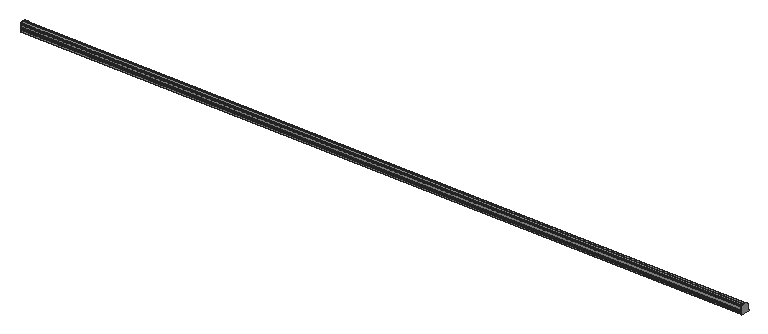
Revit family "3036975+3036946 Sylvania Lighting Fixture LUMISTRIP HO IP65 5M NW with L PROFILE ALU OPAL 2M", category Lighting Fixtures, host Face, Revit 2017
Family settings
  Host = Face
  Round Connector Dimension = Use Diameter
  Part Type = Normal
  OmniClass Number = 23.80.70.00
  OmniClass Title = Lighting
  Cut with Voids When Loaded = No
  Light Source = Yes
  Shared = No
  Room Calculation Point = No
Parameters (values of type "3036975+3036946 LUMISTRIP HO IP65 5M NW with L PROFILE ALU OPAL 2M")
  Weight = ""
  Wattage Comments = ""
  Wattage = 0 W
  WarrantyStartDate [instance] = "n/a"
  WarrantyGuarantorParts = "n/a"
  WarrantyDurationUnit = "n/a"
  WarrantyDurationParts = "n/a"
  WarrantyDescription = "n/a"
  built-in parameter 1150110 = 1 (stored number, unit not read)
  Voltage = 24 V
  URL = "http://www.sylvania-lighting.com"
  TypeName = "LUMISTRIP HO IP65 5M NW with L PROFILE ALU OPAL 2M"
  Type Image = <None>
  Type Comments = "n/a"
  built-in parameter 1114217 = 1 (stored number, unit not read)
  Tilt Angle = -90.00°
  built-in parameter 1150109 = 1 (stored number, unit not read)
  built-in parameter 1150134 = 12
  built-in parameter 1150113 = 1 (stored number, unit not read)
  SerialNumber [instance] = "n/a"
  RadiusDiffuserOut_SYL = 12.999 mm
  RadiusDiffuserIn_SYL = 11.999 mm
  Photometric Web File = "3036975.ies"
  Material_3_FEILO = none
  PowerFactor = 0
  PowerConsumption = ""
  NominalLength = 5000 mm
  NominalHeight = 4 mm
  NominalDepth = 14 mm
  Name = "LUMISTRIP HO IP65 5M NW with L PROFILE ALU OPAL 2M"
  ModelReference = Name  # "LUMISTRIP HO IP65 5M NW with L PROFILE ALU OPAL 2M"
  ModelNumber = "3036975+3036946"
  Model = Name  # "LUMISTRIP HO IP65 5M NW with L PROFILE ALU OPAL 2M"
  Material = "silicon housing, silicon diffuser"
  ManufacturerName = "Feilo Sylvania"
  Manufacturer = "Feilo Sylvania"
  LuminousEfficacy = "85.60 lm/W"
  built-in parameter 1150105 = (empty or 0)
  Lumens = 0 lm
  LuminaireType = ""
  built-in parameter 1150115 = 1 (stored number, unit not read)
  LightOutputRatio = "100"
  built-in parameter 1150137 = (empty or 0)
  built-in parameter 1150139 = (empty or 0)
  Length_SYL = 2000 mm
  LampsType = Lamp  # "LED"
  LampNominalLuminous = ""
  LampMacAdamStep = "n/a"
  LampColourTemperature = "4000 K"
  LampColourRenderingIndex = "80"
  built-in parameter 1150112 = 1 (stored number, unit not read)
  built-in parameter 1150114 = 1 (stored number, unit not read)
  Lamp = "LED"
  Keynote = "16500"
  InstallationDate [instance] = "n/a"
  InputVoltage = "24V DC"
  InputNominalFrequency = "n/a"
  built-in parameter 1150132 = (empty or 0)
  built-in parameter 1150102 = (empty or 0)
  built-in parameter 1150107 = 4000 (stored number, unit not read)
  built-in parameter 1150138 = (empty or 0)
  IngressProtection = "IP65"
  ImpactProtectionIndex = "n/a"
  built-in parameter 1150106 = (empty or 0)
  IfcExportType = "IfcLightFixtureType"
  IfcExportAs = "IfcLightFixtureType"
  ExpectedLife = 50000
  EndCapRight_SYL [instance] = yes
  EndCapLeft_SYL [instance] = yes
  built-in parameter 1150127 = 10 mm
  Emit from Rectangle Length = Length_SYL - 4 mm  # 1996 mm
  Emit Shape Visible in Rendering = no
  ElectricShockClassification = "Class III"
  built-in parameter 1150104 = 7.9534 (stored number, unit not read)
  DurationUnit = "hours"
  DocumentationLiterature = "http://www.sylvania-lighting.com/product/en-int/products/3036975"
  DimmingControlOptions = "n/a"
  Material_2_FEILO = Diffuser-Sylvania-LumistipLprofile-Polycarbonate
  Dimming Lamp Color Temperature Shift = <None>
  Description = ""
  Default Elevation = 1219.2 mm
  CreatedOn = "6/22/2018"
  CreatedBy = ""
  Cost = 0
  Color Filter = 16777215
  built-in parameter 1114216 [instance] = (empty or 0)
  ClassificationValue = "EF_70_80"
  ClassificationName = "Uniclass2015"
  Material_1_FEILO = Body-Sylvania-LumistripLprofile-Aluminum
  BarCode [instance] = "n/a"
  built-in parameter 1114218 = 1 (stored number, unit not read)
  Emit from Rectangle Width = 3048 mm
  AssetType = "Fixed"
  AssetIdentifier [instance] = "n/a"
  Assembly Code = "D5020200"
  Apparent Load = 82 VA
  Material_4_FEILO = none
Reference planes
  plane 1 "Center (Front/Back)": y = 0
  plane 2: z = 0
  plane 3 "Center (Left/Right)": x = 0
  plane 4: y = 22.4
  plane 5: z = 22.4
  plane 6: z = 20.4
  plane 7: z = 17.9
  plane 8: z = 10.9
  plane 9: z = 9.4
  plane 10: z = 7.9
  plane 11: z = 6.4
  plane 12: z = 4.9
  plane 13: z = 3.4
  plane 14: y = 2
  plane 15: z = 2
  plane 16: y = 7.9
  plane 17: y = 4.8
  plane 18: y = 3.3
  plane 19: y = 6.3
  plane 20: y = 9.4
  plane 21: y = 10.9
  plane 22: y = 20.4
  plane 23: y = 17.9
  plane 24: x = 1000
  plane 25: x = -1000
  plane 26: x = -998.5
  plane 27: x = 998.5
Forms (mm)
  Extrusion 1, solid, material "Body-Sylvania-LumistripLprofile-Aluminum" <- "Material_1_FEILO"
    sketch origin (0, 0, 0) x (0, 1, 0) y (0, 0, 1)
      loop
        line (0, 22.399) -> (0, 20.4) -> (4.8, 20.4) -> (4.8, 17.9) -> (0, 17.9) -> (0, 10.9) -> (2, 10.9) -> (2, 9.4) -> (0, 9.4) -> (0, 7.9) -> (2, 7.9) -> (2, 6.4) -> (0, 6.4) -> (0, 4.9) -> (2, 4.9) -> (2, 3.4) -> (0, 3.4) -> (0, 0) -> (3.3, 0) -> (3.3, 2) -> (4.8, 2) -> (4.8, 0) -> (6.3, 0) -> (6.3, 2) -> (7.9, 2) -> (7.9, 0) -> (9.4, 0) -> (9.4, 2) -> (10.9, 2) -> (10.9, 0) -> (17.9, 0) -> (17.9, 4.9) -> (20.4, 4.9) -> (20.4, 0) -> (22.399, 0) -> (22.399, 9.4) -> (19.77, 9.4) -> (12.92, 2.55) -> (2.567, 12.903) -> (9.4, 19.736) -> (9.4, 22.399) -> (0, 22.399)
    from -998.5 to 998.5
  Extrusion 2, solid, material "Diffuser-Sylvania-LumistipLprofile-Polycarbonate" <- "Material_2_FEILO"
    sketch origin (0, 0, 0) x (0, 1, 0) y (0, 0, 1)
      loop
        line (9.4, 22.399) -> (9.4, 21.399)
        arc (9.4, 21.399) -> (17.884, 17.884) -> (21.399, 9.4) r 11.999
        line (21.399, 9.4) -> (22.399, 9.4)
        arc (22.399, 9.4) -> (18.591, 18.591) -> (9.4, 22.399) r 12.999
    from -998.5 to 998.5
  Extrusion 3, solid, material "Body-Sylvania-LumistripLprofile-Aluminum" <- "Material_1_FEILO", visible <- "EndCapLeft_SYL"
    sketch origin (200, -4572, 2609.058) x (0, 0, 1) y (0, -1, 0)
      loop
        line (-2609.058, -4572) -> (-2609.058, -4594.4) -> (-2599.658, -4594.399)
        arc (-2599.658, -4594.399) -> (-2590.467, -4590.591) -> (-2586.658, -4581.4) r 12.999
        line (-2586.658, -4581.4) -> (-2586.658, -4572) -> (-2609.058, -4572)
    from 800 to 798.5
  Extrusion 4, solid, material "Body-Sylvania-LumistripLprofile-Aluminum" <- "Material_1_FEILO", visible <- "EndCapRight_SYL"
    sketch origin (-1000, -4572, 2609.058) x (0, 0, 1) y (0, -1, 0)
      loop
        line (-2586.659, -4581.402) -> (-2586.658, -4572) -> (-2609.058, -4572) -> (-2609.058, -4594.399) -> (-2599.658, -4594.399)
        arc (-2599.658, -4594.399) -> (-2590.467, -4590.592) -> (-2586.659, -4581.402) r 12.999
    from 0 to 1.5
Lines and regions (mm)
  reference lines
    curve 1: line (0, 0, 0) -> (0, 22.4, 22.4)
    curve 2: line (0, 0, 15.469) -> (0, 15.469, 0)
    curve 3: line (0, 12.92, 2.55) -> (0, 22.4, 12.03)
    curve 4: line (0, 2.567, 12.903) -> (0, 12.064, 22.4)
    curve 5: arc (0, 9.4, 22.399) -> (0, 18.591, 18.591) -> (0, 22.399, 9.4) r 12.999
    curve 6: arc (0, 21.399, 9.4) -> (0, 17.884, 17.884) -> (0, 9.4, 21.399) r 11.999
    curve 7: line (1000, 13.907, 23.341) -> (1000, 24.285, 12.963)
Dimensions and locks
  locked: plane 5 to plane 2 at 22.4
  locked: plane 1 "Center (Front/Back)" to plane 4 at 22.4
  locked: plane 6 to plane 5 at 2
  locked: plane 7 to plane 6 at 2.5
  locked: plane 8 to plane 7 at 7
  locked: plane 22 to plane 4 at 2
  locked: plane 23 to plane 22 at 2.5
  locked: plane 21 to plane 23 at 7
  locked: plane 9 to plane 8 at 1.5
  locked: plane 20 to plane 21 at 1.5
  locked: plane 10 to plane 9 at 1.5
  locked: plane 11 to plane 10 at 1.5
  locked: plane 12 to plane 11 at 1.5
  locked: plane 13 to plane 12 at 1.5
  locked: plane 16 to plane 20 at 1.5
  plane 19 to plane 16 = 1.6 mm
  locked: plane 17 to plane 19 at 1.5
  locked: plane 18 to plane 17 at 1.5
  locked: plane 1 "Center (Front/Back)" to plane 14 at 2
  locked: plane 15 to plane 2 at 2
  equal spacing: plane 24, plane 3 "Center (Left/Right)", plane 25
  "Length_SYL": plane 24 to plane 25
  equal spacing: plane 27, plane 3 "Center (Left/Right)", plane 26
  locked: plane 26 to plane 25 at 1.5
  locked: curve 7 to Extrusion 1 at 15.4
  "RadiusDiffuserIn_SYL": radius of curve 6
  "RadiusDiffuserOut_SYL": radius of curve 5
  locked: curve 1 to curve 2 (angle 90.00°)
  locked: curve 4 to curve 2 (angle 90.00°)
  locked: curve 2 to curve 3 (angle 90.00°)
  locked: curve 7 to curve 1 (angle 90.00°)
  aligned and locked: plane 2 to host face
  aligned and locked: level to host face
  aligned and locked: plane 6 to Extrusion 1 sketch curve
  aligned and locked: plane 7 to Extrusion 1 sketch curve
  aligned and locked: plane 17 to Extrusion 1 sketch curve  (x2)
  aligned and locked: plane 1 "Center (Front/Back)" to Extrusion 1 sketch curve  (x4)
  aligned and locked: plane 14 to Extrusion 1 sketch curve  (x3)
  aligned and locked: plane 8 to Extrusion 1 sketch curve
  aligned and locked: plane 9 to Extrusion 1 sketch curve
  aligned and locked: plane 10 to Extrusion 1 sketch curve
  aligned and locked: Extrusion 1 sketch curve to plane 11
  aligned and locked: plane 12 to Extrusion 1 sketch curve  (x2)
  aligned and locked: Extrusion 1 sketch curve to plane 13
  aligned and locked: Extrusion 1 sketch curve to host face
  aligned and locked: Extrusion 1 sketch curve to plane 18
  aligned and locked: Extrusion 1 sketch curve to plane 19
  aligned and locked: plane 15 to Extrusion 1 sketch curve  (x3)
  aligned and locked: plane 16 to Extrusion 1 sketch curve
  aligned and locked: Extrusion 1 sketch curve to level  (x2)
  aligned and locked: Extrusion 1 sketch curve to plane 20  (x2)
  aligned and locked: plane 21 to Extrusion 1 sketch curve
  aligned and locked: Extrusion 1 sketch curve to plane 23
  aligned and locked: plane 22 to Extrusion 1 sketch curve
  aligned and locked: plane 4 to curve 1
  aligned and locked: plane 5 to curve 1
  aligned and locked: plane 1 "Center (Front/Back)" to Extrusion 1
  aligned and locked: plane 2 to curve 1
  aligned and locked: plane 1 "Center (Front/Back)" to curve 2
  aligned and locked: plane 2 to curve 2
  aligned and locked: plane 5 to curve 4
  aligned and locked: plane 4 to curve 3
  aligned and locked: plane 20 to Extrusion 1 sketch curve
  aligned and locked: Extrusion 1 sketch curve to plane 9
  aligned and locked: Extrusion 1 sketch curve to curve 3
  aligned and locked: Extrusion 1 sketch curve to curve 2
  aligned and locked: Extrusion 1 sketch curve to curve 4
  aligned and locked: curve 5 to Extrusion 1
  aligned and locked: Extrusion 1 to curve 5
  aligned and locked: plane 20 to curve 5
  aligned and locked: plane 9 to curve 5
  aligned and locked: plane 20 to curve 6
  aligned and locked: plane 9 to curve 6
  aligned and locked: Extrusion 2 sketch curve to curve 5
  aligned and locked: Extrusion 2 sketch curve to curve 6
  aligned and locked: Extrusion 2 sketch curve to Extrusion 1  (x2)
  aligned and locked: Extrusion 1 to plane 26
  aligned and locked: Extrusion 2 to Extrusion 1
  aligned and locked: Extrusion 3 sketch curve to Extrusion 1  (x2)
  aligned and locked: plane 4 to Extrusion 3 sketch curve
  aligned and locked: plane 5 to Extrusion 3 sketch curve
  aligned and locked: plane 20 to Extrusion 3 sketch curve
  aligned and locked: plane 9 to Extrusion 3 sketch curve
  aligned and locked: Extrusion 3 sketch curve to Extrusion 2
  aligned and locked: plane 24 to Extrusion 3
  aligned and locked: Extrusion 4 sketch curve to Extrusion 3  (x3)
  aligned and locked: Extrusion 4 sketch curve to plane 5
  aligned and locked: Extrusion 4 to Extrusion 1
  aligned and locked: Extrusion 4 to plane 25
  aligned and locked: imposter light to curve 7
  aligned and locked: plane 3 "Center (Left/Right)" to imposter light
  aligned and locked: imposter light to curve 1
  aligned and locked: Extrusion 3 to Extrusion 2
  aligned and locked: Extrusion 1 to Extrusion 2
  aligned and locked: Extrusion 3 to plane 27
Automatic sketch dimensions
  host sketch curve to host sketch curve = 2438.4 mm  (x2)
  Extrusion 1 sketch curve to plane 1 "Center (Front/Back)" = 0 mm
  Extrusion 1 sketch curve to level = 0 mm  (x2)
  plane 4 to Extrusion 1 sketch curve = 0.001 mm
  plane 5 to Extrusion 1 sketch curve = 0.001 mm
  curve 7 to plane 8 = 2.063 mm
  curve 7 to plane 4 = 1.885 mm
Connectors
  electrical at (0, 0, 0), driven by "Apparent Load", driven by "PowerFactor", driven by "Voltage"
    settings: index 1, voltage 24 V, apparent load 82 VA, apparent load phase1 0 VA, apparent load phase2 0 VA, apparent load phase3 0 VA, power factor 0, load classification "Lighting", number of poles 1, system type 30, power factor state 1, is connector primary yes, connector utility no, sub classification motor no, connector description ""
